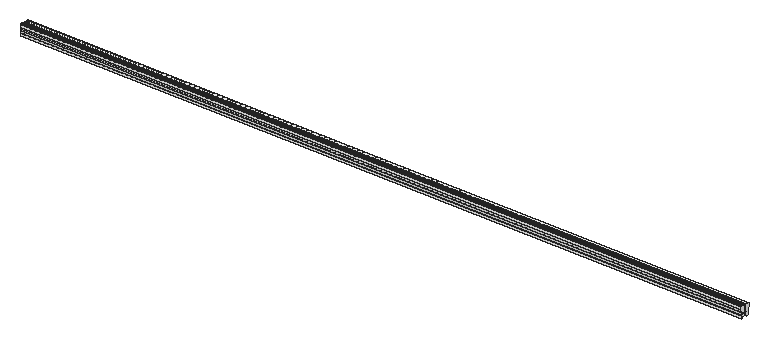
Revit family "2025502 Feilo Sylvania Lighting Fixtures LS3 (NEW) 3M TRACK BLACK", category Lighting Fixtures, host Face, Revit 2017
Family settings
  Host = Face
  Round Connector Dimension = Use Diameter
  Part Type = Normal
  OmniClass Number = 23.80.70.00
  OmniClass Title = Lighting
  Cut with Voids When Loaded = No
  Light Source = No
  Shared = No
  Room Calculation Point = No
Parameters (values of type "2025502 LS3 (NEW) 3M TRACK BLACK")
  _DistributedBy = "//www.feilosylvania.com/en-int/"
  _CurrentRevision = 1
  _CreatedBy = "http://www.feilosylvania.com/en-int/"
  _BimstoreBibleVersion = "15"
  _BimSpecGuid = 0
  _Author = "Viktoria Kollar"
  Weight = "2.73 kg"
  WarrantyStartDate [instance] = ""
  WarrantyGuarantorParts = "n/a"
  WarrantyDurationUnit = "n/a"
  WarrantyDurationParts = "n/a"
  WarrantyDescription = "n/a"
  URL = "http://www.sylvania-lighting.com"
  TypeName = "LS3 (NEW) 3M TRACK BLACK"
  Type Image = 2020760.jpg
  Type Comments = "n/a"
  TransformerRequired = yes
  SerialNumber [instance] = ""
  NominalLength = 3000 mm
  NominalHeight = 45 mm
  NominalDepth = 37 mm
  Name = "LS3 (NEW) 3M TRACK BLACK"
  NBSReference = "n/a"
  NBSOfficeMasterTag = "n/a"
  NBSObjectName = "n/a"
  NBSNote = "n/a"
  NBSDescription = "n/a"
  ModelReference = "LS3 (NEW) 3M TRACK BLACK"
  ModelNumber = "2025502"
  Model = "LS3 (NEW) 3M TRACK BLACK"
  ManufacturerName = "Feilo Sylvania"
  Manufacturer = "Feilo Sylvania"
  LuminaireType = ""
  Lamp = "LED"
  Keynote = "16500"
  InstallationDate [instance] = ""
  InputVoltage = "240V~"
  IfcExportType = "IfcLightFixtureType"
  IfcExportAs = "IfcLightFixtureType"
  Housing material = White aluminium
  ElectricShockClassification = "Class I"
  DocumentationLiterature = "http://www.sylvania-lighting.com/product/en-int/products/2025502"
  Description = "3 Circuit Track, compact venturi trunk profile, extruded aluminium body, suitable for surface mounting and suspending, (LxWxH) 3000x37x45mm, 2.73kg, Black RAL 9005, Class 1, maximum installed load: 3x3680W (11040W), fuse: 3x16A, supply cable: 5 x 1.5mm², 400 VAC supply"
  Default Elevation = 0 mm
  CreatedOn = "14/11/2017"
  CreatedBy = ""
  Cost = 0
  Color = "Aluminium white"
  ClassificationValue = "EF_70_80"
  ClassificationName = "Uniclass2015"
  BarCode [instance] = ""
  BIMObjectName = "n/a"
  AssetType = "Fixed"
  AssetIdentifier [instance] = ""
  Assembly Code = "D5020200"
  Apparent Load = 0 VA
Reference planes
  plane 1 "Center (Front/Back)": y = 0
  plane 2: z = 0
  plane 3 "Center (Left/Right)": x = 0
  plane 4: x = -1500
  plane 5: x = 1500
  plane 6: z = 36.5
  plane 7: z = 18.5
  plane 8: z = 27.5
  plane 9: z = 30
  plane 10: z = 33
  plane 11: z = 45
  plane 12: z = 25
  plane 13: z = 22
  plane 14: y = 5.75
  plane 15: y = -5.75
  plane 16: y = 9.25
  plane 17: y = -9.25
  plane 18: y = 13.25
  plane 19: y = -13.25
  plane 20: y = -14.75
  plane 21: y = 14.75
  plane 22: y = 18.5
  plane 23: y = -18.5
  plane 24: z = 31
  plane 25: y = 16.55
  plane 26: y = -16.55
  plane 27: z = 38.7
  plane 28: y = 7
  plane 29: y = -7
  plane 30: z = 40.9
  plane 31: z = 43.1
Forms (mm)
  Extrusion 1, solid, material "White aluminium" <- "Housing material"
    sketch origin (0, 0, 45) x (0, 1, 0) y (0, 0, 1)
      loop
        line (14.75, -45) -> (14.75, -34.582) -> (16.616, -24) -> (18.5, -12) -> (18.5, 0) -> (7, 0) -> (7, -1.9) -> (13.25, -1.9) -> (13.25, -4.1) -> (7, -4.1) -> (7, -6.3) -> (16.55, -6.3) -> (16.55, -14) -> (13.25, -14) -> (13.25, -12) -> (9.25, -8.5) -> (5.75, -8.5) -> (5.75, -12) -> (9.25, -12) -> (9.25, -15) -> (5.75, -15) -> (5.75, -20) -> (9.25, -20) -> (9.25, -23) -> (5.75, -23) -> (5.75, -26.5) -> (9.25, -26.5) -> (13.25, -23) -> (15.119, -23) -> (15.119, -24) -> (13.383, -33.848) -> (9.529, -33.848) -> (9.529, -30) -> (-4.255, -30) -> (-9.75, -33.848) -> (-13, -33.848) -> (-15.119, -23.803) -> (-15.119, -23) -> (-13.25, -23) -> (-9.25, -26.5) -> (-5.75, -26.5) -> (-5.75, -23) -> (-9.25, -23) -> (-9.25, -20) -> (-5.75, -20) -> (-5.75, -15) -> (-9.25, -15) -> (-9.25, -12) -> (-5.75, -12) -> (-5.75, -8.5) -> (-9.25, -8.5) -> (-13.25, -12) -> (-13.25, -14) -> (-16.55, -14) -> (-16.55, -6.3) -> (-7, -6.3) -> (-7, 0) -> (-9.25, 0) -> (-9.25, -4.1) -> (-16.55, -4.1) -> (-16.55, 0) -> (-18.5, 0) -> (-18.5, -12) -> (-16.616, -24) -> (-14.75, -33.164) -> (-14.75, -45) -> (-13.25, -45) -> (-13.25, -35.764)
        arc (-13.25, -35.764) -> (-9.111, -38.754) -> (-4.329, -40.542) r 19.123
        line (-4.329, -40.542) -> (-4.329, -39.56)
        arc (-4.329, -39.56) -> (-7.777, -38.158) -> (-10.813, -36.003) r 16.148
        line (-10.813, -36.003) -> (-7.392, -36.003) -> (-3.107, -33) -> (7.392, -33) -> (7.392, -36.003) -> (10.813, -36.003)
        arc (10.813, -36.003) -> (7.777, -38.158) -> (4.329, -39.56) r 16.148
        line (4.329, -39.56) -> (4.329, -40.542)
        arc (4.329, -40.542) -> (9.111, -38.754) -> (13.25, -35.764) r 19.123
        line (13.25, -35.764) -> (13.25, -45) -> (14.75, -45)
    from -1500 to 1500
Dimensions and locks
  "NominalLength": plane 5 to plane 4
  equal spacing: plane 5, plane 3 "Center (Left/Right)", plane 4
  "NominalHeight": plane 11 to host face
  locked: plane 11 to plane 8 at 17.5
  locked: plane 6 to plane 7 at 18
  equal spacing: plane 6, plane 8, plane 7
  locked: plane 13 to plane 7 at 3.5
  locked: plane 6 to plane 10 at 3.5
  equal spacing: plane 9, plane 8, plane 12
  locked: plane 9 to plane 12 at 5
  equal spacing: plane 14, plane 1 "Center (Front/Back)", plane 15
  locked: plane 14 to plane 15 at 11.5
  equal spacing: plane 16, plane 1 "Center (Front/Back)", plane 17
  locked: plane 16 to plane 17 at 18.5
  equal spacing: plane 18, plane 1 "Center (Front/Back)", plane 19
  locked: plane 18 to plane 19 at 26.5
  "NominalDepth": plane 22 to plane 23
  aligned and locked: plane 2 to host face
  aligned and locked: level to host face
  aligned and locked: plane 6 to Extrusion 1  (x3)
  aligned and locked: plane 14 to Extrusion 1  (x3)
  aligned and locked: Extrusion 1 to plane 15  (x3)
  aligned and locked: Extrusion 1 to plane 10  (x2)
  aligned and locked: plane 9 to Extrusion 1  (x2)
  aligned and locked: Extrusion 1 to plane 12  (x2)
  aligned and locked: plane 13 to Extrusion 1  (x2)
  aligned and locked: Extrusion 1 to plane 7  (x2)
  aligned and locked: plane 18 to Extrusion 1
  aligned and locked: Extrusion 1 to plane 19
  aligned and locked: Extrusion 1 to plane 20
  aligned and locked: plane 21 to Extrusion 1
  aligned and locked: plane 25 to Extrusion 1
  aligned and locked: Extrusion 1 to plane 26
  aligned and locked: Extrusion 1 sketch curve to plane 27  (x2)
  aligned and locked: plane 26 to Extrusion 1 sketch curve
  aligned and locked: Extrusion 1 sketch curve to plane 26
  aligned and locked: Extrusion 1 sketch curve to plane 23
  aligned and locked: plane 11 to Extrusion 1 sketch curve  (x3)
  aligned and locked: plane 30 to Extrusion 1 sketch curve  (x2)
  aligned and locked: plane 17 to Extrusion 1 sketch curve
  aligned and locked: Extrusion 1 sketch curve to plane 29
  aligned and locked: plane 28 to Extrusion 1 sketch curve  (x2)
  aligned and locked: plane 18 to Extrusion 1 sketch curve
  aligned and locked: Extrusion 1 sketch curve to plane 31
  aligned and locked: Extrusion 1 sketch curve to plane 22
  aligned and locked: Extrusion 1 to plane 4
  aligned and locked: plane 5 to Extrusion 1
Automatic sketch dimensions
  host sketch curve to host sketch curve = 2438.4 mm  (x2)
  Extrusion 1 sketch curve to plane 24 = 0 mm  (x2)
  Extrusion 1 sketch curve to plane 13 = 0 mm  (x4)
  Extrusion 1 sketch curve to plane 20 = 0 mm
  Extrusion 1 sketch curve to plane 19 = 0 mm  (x3)
  Extrusion 1 sketch curve to plane 10 = 0 mm  (x6)
  Extrusion 1 sketch curve to level = 0 mm  (x2)
  Extrusion 1 sketch curve to plane 17 = 0 mm  (x4)
  Extrusion 1 sketch curve to plane 6 = 0 mm  (x2)
  Extrusion 1 sketch curve to plane 7 = 0 mm  (x2)
  Extrusion 1 sketch curve to plane 9 = 0 mm  (x2)
  Extrusion 1 sketch curve to plane 15 = 0 mm  (x3)
  Extrusion 1 sketch curve to plane 12 = 0 mm  (x2)
  Extrusion 1 sketch curve to plane 14 = 0 mm  (x3)
  Extrusion 1 sketch curve to plane 16 = 0 mm  (x4)
  Extrusion 1 sketch curve to plane 18 = 0 mm  (x3)
  Extrusion 1 sketch curve to plane 21 = 0 mm
  Extrusion 1 sketch curve to plane 25 = 0 mm
  Extrusion 1 sketch curve to plane 26 = 0.066 mm
  plane 20 to Extrusion 1 sketch curve = 0.369 mm
  plane 19 to Extrusion 1 sketch curve = 0.25 mm
  Extrusion 1 sketch curve to plane 17 = 1.563 mm
  Extrusion 1 sketch curve to plane 17 = 0.5 mm
  Extrusion 1 sketch curve to plane 29 = 0.392 mm
  plane 15 to Extrusion 1 sketch curve = 1.421 mm
  plane 15 to Extrusion 1 sketch curve = 1.495 mm
  plane 15 to Extrusion 1 sketch curve = 2.643 mm
  Extrusion 1 sketch curve to plane 1 "Center (Front/Back)" = 0.082 mm
  Extrusion 1 sketch curve to plane 1 "Center (Front/Back)" = 0.01 mm
  plane 1 "Center (Front/Back)" to Extrusion 1 sketch curve = 0.01 mm
  plane 1 "Center (Front/Back)" to Extrusion 1 sketch curve = 0.082 mm
  Extrusion 1 sketch curve to plane 14 = 1.421 mm
  plane 28 to Extrusion 1 sketch curve = 0.392 mm
  plane 16 to Extrusion 1 sketch curve = 0.279 mm
  plane 16 to Extrusion 1 sketch curve = 1.563 mm
  plane 18 to Extrusion 1 sketch curve = 0.133 mm
  Extrusion 1 sketch curve to plane 21 = 0.369 mm
  plane 25 to Extrusion 1 sketch curve = 0.066 mm
  Extrusion 1 sketch curve to plane 13 = 1.104 mm
  Extrusion 1 sketch curve to Extrusion 1 sketch curve = 0 mm  (x2)
  plane 13 to Extrusion 1 sketch curve = 0.803 mm
  plane 13 to Extrusion 1 sketch curve = 1 mm  (x4)
  plane 7 to Extrusion 1 sketch curve = 3.5 mm
  Extrusion 1 sketch curve to Extrusion 1 sketch curve = 3 mm
  plane 7 to Extrusion 1 sketch curve = 6.664 mm
  Extrusion 1 sketch curve to Extrusion 1 sketch curve = 0.684 mm
  Extrusion 1 sketch curve to Extrusion 1 sketch curve = 3.848 mm
  Extrusion 1 sketch curve to Extrusion 1 sketch curve = 0.734 mm
  Extrusion 1 sketch curve to Extrusion 1 sketch curve = 1.181 mm
  Extrusion 1 sketch curve to Extrusion 1 sketch curve = 1.916 mm
  Extrusion 1 sketch curve to Extrusion 1 sketch curve = 2.155 mm
  Extrusion 1 sketch curve to Extrusion 1 sketch curve = 0.24 mm
Connectors
  electrical at (0, 0, 0)
    settings: on host face, index 1, voltage 0 V, apparent load 0 VA, apparent load phase1 0 VA, apparent load phase2 0 VA, apparent load phase3 0 VA, power factor 1, load classification "Other", number of poles 1, system type 31, power factor state 1, is connector primary yes, connector utility no, sub classification motor no, connector description ""
